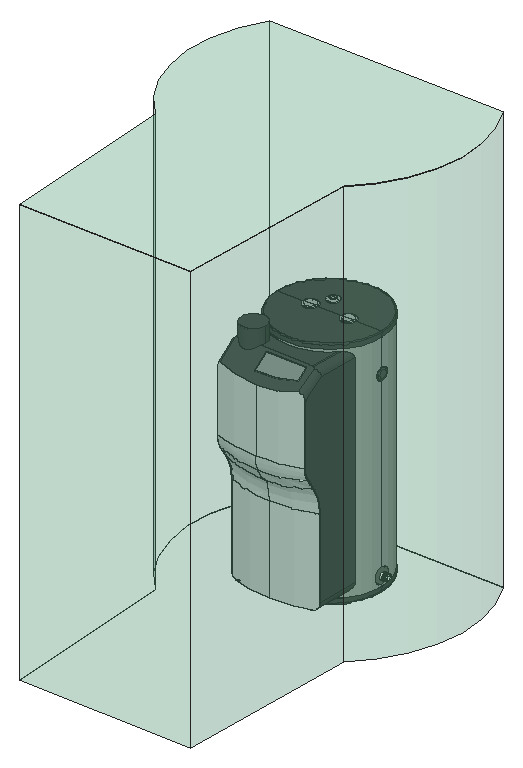
Revit family "Innovo FR_IR 20 160 FR NAT", category Mechanical Equipment, Revit 2015
Parameters (values of type "IR-20-160 FR NAT")
  largeur d'emballage = 786 mm  # constant formula
  l'Intervalle d'Entretien = "12 mois"  # constant formula
  Workspace Radius = Diameter + 170 mm  # 730 mm
  Workspace Height = Hauteur + 1000 mm  # 2270 mm
  Workspace Front Distance = 1000 mm
  Workspace [instance] = yes
  Valve Height 02 = if(and(Hauteur = 1745 mm, Diameter = 675 mm), 1518 mm, if(and(Hauteur = 1745 mm, Diameter = 610 mm), 1534 mm, if(Hauteur = 1545 mm, 1328 mm, 1070 mm)))  # 1070 mm
  Valve Height 01 = if(and(Diameter > 560 mm), 693 mm, 604 mm)  # 604 mm
  Valeur Maximale du Thermostat de Régulation = 85 °C  # constant formula
  Valeur Manimale du Thermostat de Régulation = 40 °C  # constant formula
  Valeur Défaut du Thermostat de Régulation = 65 °C  # constant formula
  URL = "www.aosmith.fr"
  Type d'Installation = "B23/C13/C33/C43/C53/C63"  # constant formula
  Type d'emballage = "Carton et bois"  # constant formula
  Tension d'Alimentation (-15%, +10%) = 230 V  # constant formula
  Température Maximale des Fumées = 45 °C
  Temps de réchauffement à ΔT = 70°C = "42"
  Temps de réchauffement à ΔT = 55°C = "34"
  Temps de réchauffement à ΔT = 50°C = "31"
  Temps de réchauffement à ΔT = 44°C = "27"
  Temps de réchauffement à ΔT = 28°C = "17"
  Spécifications du Produit = ""
  Réglages du thermostat du chauffe-eau = 65 °C  # constant formula
  Réglage Standard Pour = "G31"
  Rendement Saisonnier (Hs) = [Rendement (Hs, acc. NEN-EN 89 - 1999)]  # 96
  Rendement (Hs, acc. NEN-EN 89 - 1999) = 96
  Rendement (Hi, acc. NEN-EN 89 - 1999) = 107
  Raccord Évacuation de la Condensation = 40 mm  # constant formula
  Raccord de la Soupape de Vidange = 3/4"
  Raccord de Sortie d'Eau Chaude = 3/4"
  Raccord de Gaz = 15"  # constant formula
  Raccord d'Alimentation en Eau Froide = 3/4"  # constant formula
  Raccord Robinet de Vidange = 3/4"  # constant formula
  Puissance Électrique Absorbée (sommet) = 85 W
  Puissance Électrique Absorbée (nominal) = 25 W
  Profondeur d'emballage = 946 mm  # constant formula
  Profondeur = 780 mm  # constant formula
  Profils de soutirage déclaré = "XL"
  Production Nominale = "11400.0"
  Pression de Fonctionnement Maximale = 800000.0 Pa  # constant formula
  Pression Différentielle d'Ouverture de l'Interrupteur de Pression < = 115.0 Pa
  Pression Amont de Gaz = "3700 Pa"
  Precaustions during assembling, installation or maintenance = "voir Manuel d'installation, d'emploi er d'entretien"  # constant formula
  Poids à vide = 95 kg
  Poids de Transport = 114 kg
  Phase = 1
  Pertes en Veille - tous les jours (24h) = 0 W
  Pertes en Veille = 0 W
  Nombre de modèle du produit (EAN) = "8717449285920"
  Niveau du Son dB (A) = "<45"  # constant formula
  Niveau de puissance acoustique à l'intérieur = "41 dB"
  NOx-émissions mg/kWh = "23"
  NOx-émissions (ven air, 0% O2) ppm = "14"
  Modèdele = "IR-12-160"
  Model = "IR-12-160 FR LP"
  Marque commerciale = "A.O. Smith"  # constant formula
  Manufacturer = "A.O. Smith Water Products Company b.v."  # constant formula
  Largeur = Diameter  # 560 mm
  La commande intelligente = no
  L'efficacité énergétique pour le chauffage de l'eau (2) = "-"
  L'efficacité énergétique pour le chauffage de l'eau (1) = "92%"
  Hauteur du Raccordement au Gaz = 860 mm
  Hauteur de la Sortie d'eau Chaude = 1270 mm
  Hauteur de l'Alimentation en eau Froide = 170 mm
  Hauteur d'emballage = 1465 mm
  Hauteur Conduit d'Évacuation des Fumées = 1295 mm
  Hauteur Conduit d'Alimentation en Air = 1295 mm
  Hauteur = 1270 mm
  Guide de Produit = ""
  Garantie sur la Cuve = "36 mois"  # constant formula
  Garantie Pièces = "12 mois"  # constant formula
  Fréquence secteur = 50 Hz  # constant formula
  Forctionner qu'en heures creuses = no
  Fabricant No. = "E 7110"  # constant formula
  Epaisseur d'Isolation = 50 mm
  Débit de vidage à ΔT = 70°C après 90 min. = 270.0 L
  Débit de vidage à ΔT = 70°C après 60 min. = 200.0 L
  Débit de vidage à ΔT = 70°C après 30 min. = 120.0 L
  Débit de vidage à ΔT = 70°C après 120 min. = 340.0 L
  Débit de vidage à ΔT = 55°C après 90 min. = 370.0 L
  Débit de vidage à ΔT = 55°C après 60 min. = 270.0 L
  Débit de vidage à ΔT = 55°C après 30 min. = 180.0 L
  Débit de vidage à ΔT = 55°C après 120 min. = 460.0 L
  Débit de vidage à ΔT = 50°C après 90 min. = 410.0 L
  Débit de vidage à ΔT = 50°C après 60 min. = 310.0 L
  Débit de vidage à ΔT = 50°C après 30 min. = 210.0 L
  Débit de vidage à ΔT = 50°C après 120 min. = 510.0 L
  Débit de vidage à ΔT = 44°C après 90 min. = 480.0 L
  Débit de vidage à ΔT = 44°C après 60 min. = 360.0 L
  Débit de vidage à ΔT = 44°C après 30 min. = 250.0 L
  Débit de vidage à ΔT = 44°C après 120 min. = 590.0 L
  Débit de vidage à ΔT = 28°C après 90 min. = 780.0 L
  Débit de vidage à ΔT = 28°C après 60 min. = 600.0 L
  Débit de vidage à ΔT = 28°C après 30 min. = 420.0 L
  Débit de vidage à ΔT = 28°C après 120 min. = 960.0 L
  Débit de vidage en Continu à ΔT = 70°C = 150.0 L/s
  Débit de vidage en Continu à ΔT = 55°C = 190.0 L/s
  Débit de vidage en Continu à ΔT = 50°C = 200.0 L/s
  Débit de vidage en Continu à ΔT = 44°C = 230.0 L/s
  Débit de vidage en Continu à ΔT = 28°C = 360.0 L/s
  Diamètre Cheminée - Système Parallèle = "2x80"  # constant formula
  Diamètre Cheminée - Système Concentrique = "80/125 mm/mm"  # constant formula
  Diamètre Cheminée - Boiler = "80/125 mm/mm"  # constant formula
  Diameter = 560 mm
  Destination / Country = "France"  # constant formula
  Description = "Préparateur ECS Solaire en Combinaison avec Réservoir de Stockage"  # constant formula
  D'autres profils de soutirage = "-"
  Created By = "http://www.cadcompany.nl/"
  Consommation de Gaz - Volume ltr/hr = "a/p"
  Consommation de Gaz - Masse kg/h = "0.80"
  Class d'efficacité énergétique (2) = "-"
  Class d'efficacité énergétique (1) = "A"  # constant formula
  Charge Nominale (Valeur Supérieure) = "11800.0"
  Charge Nominale (Valeur Inférieure) = "10900.0"
  Charge Maximale au Sol = 274 kg
  Catégorie de Gaz = "II2Esi3P"  # constant formula
  Capacité = 160.0 L
  CO2 Émissions (tol. +/- 1.0) vol% = "10"
  CE-PIN = "0063CQ3037"  # constant formula
  BIM Content Developer = "CAD & Company"  # constant formula
  Assembly Code = "D3010"
  Annual fuel consumption (2) = "-"
  Annual fuel consumption (1) = "16 GJ GCV"
  Annual electricity consumption (2) = "-"
  Annual electricity consumption (1) = "38 kWh"
  2ème Entretien (Entretien Général) = "12 mois après l'installation"  # constant formula
  1er Entretien (check-up) = "3 mois après l'installation"  # constant formula
Reference planes
  plane 1 "Center (Front/Back)": y = 0
  plane 2: z = 0
  plane 3 "Center (Left/Right)": x = 0
  plane 4 "Pipe": through (-383.901, 912.349, 194.799) normal (-0.0879, -0.0879, 0.9923)
  plane 5 "footing": y = 118.925
  plane 6 "footing front": y = -237.85
  plane 7: x = -280
  plane 8: x = 280
  plane 9: z = 1270
Forms (mm)
  Revolve 1, solid, material "RAL 9005", detail levels medium+fine
    sketch origin (0, -237.85, 0) x (-1, 0, 0) y (0, 0, 1)
      loop
        line (0, 28.9) -> (-15, 28.9) -> (-15, 26.4) -> (-8.671, 26.4) -> (-8.671, 18) -> (-5.686, 18) -> (-6.626, 17.06) -> (-6.626, 12.06) -> (-8.671, 12.06) -> (-8.671, 10) -> (-10.031, 10) -> (-23.271, 5.181)
        arc (-23.271, 5.181) -> (-23.763, 4.836) -> (-24.017, 4.293) r 1.159
        line (-24.017, 4.293) -> (-24.017, 1.03)
        arc (-24.017, 1.03) -> (-23.715, 0.302) -> (-22.986, 0) r 1.03
        line (-22.986, 0) -> (0, 0) -> (0, 28.9)
      axis (0, 28.9) -> (0, 0)
    angle from 0 to 360
  Revolve 2, solid, material "RAL 9005", detail levels medium+fine
    sketch origin (0, 118.925, 0) x (-1, 0, 0) y (0, 0, 1)
      loop
        line (-180.984, 28.9) -> (-195.984, 28.9) -> (-195.984, 26.4) -> (-189.655, 26.4) -> (-189.655, 18) -> (-186.67, 18) -> (-187.61, 17.06) -> (-187.61, 12.06) -> (-189.655, 12.06) -> (-189.655, 10) -> (-191.015, 10) -> (-204.256, 5.181)
        arc (-204.256, 5.181) -> (-204.747, 4.836) -> (-205.001, 4.293) r 1.159
        line (-205.001, 4.293) -> (-205.001, 1.03)
        arc (-205.001, 1.03) -> (-204.699, 0.302) -> (-203.971, 0) r 1.03
        line (-203.971, 0) -> (-180.984, 0) -> (-180.984, 28.9)
      axis (-180.984, 28.9) -> (-180.984, 0)
    angle from 0 to 360
  Revolve 3, solid, material "RAL 9005", detail levels medium+fine
    sketch origin (0, 118.925, 0) x (-1, 0, 0) y (0, 0, 1)
      loop
        line (179.016, 28.9) -> (164.016, 28.9) -> (164.016, 26.4) -> (170.345, 26.4) -> (170.345, 18) -> (173.33, 18) -> (172.39, 17.06) -> (172.39, 12.06) -> (170.345, 12.06) -> (170.345, 10) -> (168.985, 10) -> (155.744, 5.181)
        arc (155.744, 5.181) -> (155.253, 4.836) -> (154.999, 4.293) r 1.159
        line (154.999, 4.293) -> (154.999, 1.03)
        arc (154.999, 1.03) -> (155.301, 0.302) -> (156.029, 0) r 1.03
        line (156.029, 0) -> (179.016, 0) -> (179.016, 28.9)
      axis (179.016, 28.9) -> (179.016, 0)
    angle from 0 to 360
Lines and regions (mm)
  symbolic lines
    curve 1: line (0, 280.06, 0) -> (0, -280.06, 0)
    curve 2: line (-255.06, 0, 0) -> (255.06, 0, 0)
  symbolic lines, style "Workspace"
    curve 3: line (623.261, 380.06, 0) -> (-623.261, 380.06, 0)
    curve 4: arc (-623.261, 380.06, 0) -> (-726.942, -66.745, 0) -> (-543.632, -487.2, 0) r 730
    curve 5: line (-543.632, -487.2, 0) -> (-396.783, -1492.825, 0)
    curve 6: line (-396.783, -1492.825, 0) -> (399.03, -1492.825, 0)
    curve 7: line (399.03, -1492.825, 0) -> (545.76, -484.816, 0)
    curve 8: arc (545.76, -484.816, 0) -> (727.087, -65.154, 0) -> (623.261, 380.06, 0) r 730
Dimensions and locks
  plane 5 "footing" to plane 1 "Center (Front/Back)" = 118.925 mm
  plane 1 "Center (Front/Back)" to plane 6 "footing front" = 237.85 mm
  "Diameter": plane 7 to plane 8
  equal spacing: plane 7, plane 3 "Center (Left/Right)", plane 8
  "Hauteur": plane 9 to plane 2
  "Workspace Front Distance": curve 6 to nested 3
  "Workspace Radius": radius of curve 4
  "Workspace Radius": radius of curve 8
  aligned and locked: level to plane 2
  aligned and locked: nested 3 to Revolve 1 sketch curve
  aligned and locked: plane 3 "Center (Left/Right)" to Revolve 1 sketch curve
  aligned and locked: nested 3 to plane 1 "Center (Front/Back)"
  aligned and locked: plane 3 "Center (Left/Right)" to nested 3
  aligned and locked: nested 1 to plane 8
  aligned and locked: nested 5 to plane 8
  aligned and locked: nested 2 to plane 7
  aligned and locked: nested 4 to plane 7
  aligned and locked: nested 7 to plane 7
  aligned and locked: nested 8 to plane 3 "Center (Left/Right)"
  aligned and locked: nested 8 to nested 3
  aligned and locked: curve 3 to nested 8
Automatic sketch dimensions
  Revolve 1 sketch curve to level = 0 mm
  plane 3 "Center (Left/Right)" to Revolve 1 sketch curve = 5.686 mm
  Revolve 1 sketch curve to Revolve 1 sketch curve = 0.94 mm  (x2)
  Revolve 1 sketch curve to Revolve 1 sketch curve = 2.046 mm  (x2)
  Revolve 1 sketch curve to Revolve 1 sketch curve = 1.359 mm
  Revolve 1 sketch curve to Revolve 1 sketch curve = 6.329 mm
  level to Revolve 1 sketch curve = 4.091 mm
  Revolve 1 sketch curve to Revolve 1 sketch curve = 12.844 mm
  level to Revolve 1 sketch curve = 1.03 mm
  Revolve 1 sketch curve to Revolve 1 sketch curve = 0.111 mm
  level to Revolve 1 sketch curve = 5.181 mm
  Revolve 1 sketch curve to Revolve 1 sketch curve = 0.745 mm
  level to Revolve 1 sketch curve = 10 mm
  Revolve 1 sketch curve to Revolve 1 sketch curve = 2.06 mm
  Revolve 1 sketch curve to Revolve 1 sketch curve = 5 mm
  Revolve 1 sketch curve to Revolve 1 sketch curve = 8.4 mm
  Revolve 1 sketch curve to Revolve 1 sketch curve = 2.5 mm
  Revolve 1 sketch curve to level = 19.635 mm
  Revolve 1 sketch curve to Revolve 1 sketch curve = 46.465 mm
  Revolve 2 sketch curve to level = 0 mm
  level to Revolve 2 sketch curve = 1.03 mm
  Revolve 2 sketch curve to plane 8 = 74.999 mm
  level to Revolve 2 sketch curve = 5.181 mm
  Revolve 2 sketch curve to Revolve 2 sketch curve = 0.745 mm
  Revolve 2 sketch curve to Revolve 2 sketch curve = 0.397 mm
  Revolve 2 sketch curve to Revolve 2 sketch curve = 8.271 mm
  Revolve 2 sketch curve to Revolve 2 sketch curve = 13.241 mm
  Revolve 2 sketch curve to Revolve 2 sketch curve = 1.359 mm
  Revolve 2 sketch curve to Revolve 2 sketch curve = 6.329 mm
  Revolve 2 sketch curve to Revolve 2 sketch curve = 2.046 mm
  level to Revolve 2 sketch curve = 18 mm
  Revolve 2 sketch curve to Revolve 2 sketch curve = 0.94 mm  (x2)
  Revolve 2 sketch curve to Revolve 2 sketch curve = 8.671 mm
  Revolve 2 sketch curve to Revolve 2 sketch curve = 1.089 mm
  Revolve 2 sketch curve to Revolve 2 sketch curve = 8 mm
  Revolve 2 sketch curve to Revolve 2 sketch curve = 2.06 mm
  Revolve 2 sketch curve to Revolve 2 sketch curve = 8.4 mm
  Revolve 2 sketch curve to Revolve 2 sketch curve = 2.5 mm
  Revolve 2 sketch curve to Revolve 2 sketch curve = 0 mm
  Revolve 2 sketch curve to level = 19.635 mm
  Revolve 2 sketch curve to Revolve 2 sketch curve = 46.465 mm
  Revolve 3 sketch curve to level = 0 mm
  level to Revolve 3 sketch curve = 1.03 mm
  Revolve 3 sketch curve to plane 7 = 125.001 mm
  level to Revolve 3 sketch curve = 5.181 mm
  Revolve 3 sketch curve to Revolve 3 sketch curve = 0.745 mm
  Revolve 3 sketch curve to Revolve 3 sketch curve = 0.397 mm
  Revolve 3 sketch curve to Revolve 3 sketch curve = 8.271 mm
  Revolve 3 sketch curve to Revolve 3 sketch curve = 13.241 mm
  Revolve 3 sketch curve to Revolve 3 sketch curve = 1.359 mm
  Revolve 3 sketch curve to Revolve 3 sketch curve = 6.329 mm
  Revolve 3 sketch curve to Revolve 3 sketch curve = 2.046 mm
  level to Revolve 3 sketch curve = 18 mm
  Revolve 3 sketch curve to Revolve 3 sketch curve = 0.94 mm  (x2)
  Revolve 3 sketch curve to Revolve 3 sketch curve = 8.671 mm
  Revolve 3 sketch curve to Revolve 3 sketch curve = 1.089 mm
  Revolve 3 sketch curve to Revolve 3 sketch curve = 8 mm
  Revolve 3 sketch curve to Revolve 3 sketch curve = 2.06 mm
  Revolve 3 sketch curve to Revolve 3 sketch curve = 8.4 mm
  Revolve 3 sketch curve to Revolve 3 sketch curve = 2.5 mm
  Revolve 3 sketch curve to Revolve 3 sketch curve = 0 mm
  Revolve 3 sketch curve to level = 19.635 mm
  Revolve 3 sketch curve to Revolve 3 sketch curve = 46.465 mm
  curve 4 to curve 8 = 0 mm  (x2)
  plane 1 "Center (Front/Back)" to curve 2 = 0 mm
  curve 1 to plane 3 "Center (Left/Right)" = 0 mm
  plane 1 "Center (Front/Back)" to curve 4 = 0 mm
  curve 4 to plane 3 "Center (Left/Right)" = 0 mm
  curve 5 to plane 6 "footing front" = 249.35 mm
  plane 7 to curve 5 = 116.783 mm
  plane 8 to curve 7 = 119.03 mm
  curve 7 to plane 6 "footing front" = 246.966 mm
  curve 2 to plane 7 = 24.94 mm
  curve 2 to plane 8 = 24.94 mm
  curve 1 to plane 6 "footing front" = 42.21 mm
  plane 5 "footing" to curve 1 = 161.135 mm
Nested families
  nested 1: "Valve" at (280, -0.38, 1070) x (0, 1, 0) z (0, 0, 1), built-in parameter 1001364 <- "Valve Height 02", type "Valve"
  nested 2: "Drain Valve" at (-280, 0, 1070), built-in parameter 1001364 <- "Valve Height 02", type "Drain Valve"
  nested 3: "Housing Mother Housing S 57 (external)" at (0, -274.886, 0), type "Housing Mother_Housing S_57"
  nested 4: "Drain Valve" at (-280, 0, 177), type "Drain Valve"
  nested 5: "Drain Valve" at (280, 0, 107) x (-1, 0, 0) z (0, 0, 1), type "Drain Valve"
  nested 6: "Boiler" at (0, 0, 0), height <- "Hauteur", type "Boiler"
    with height 1270 mm
  nested 7: "Drain Valve" at (-280, 0, 604), built-in parameter 1001364 <- "Valve Height 01", type "Drain Valve"
  nested 8: "Innovo_workspace" at (0, 0, 0), Workspace Distance Front <- "Workspace Front Distance", Workspace <- "Workspace", Workspace Height <- "Workspace Height", Workspace Radius <- "Workspace Radius", type "Workspace"
    with Workspace Radius 730 mm, Workspace Height 2270 mm, Workspace Distance Front 1000 mm, Workspace yes, Center to Front 492.825 mm
Connectors
  piping at (314.826, 0, 107), diameter 19.05, driven by "Raccord Robinet de Vidange"
    settings: on nested 5, index 1, connector inside diameter 24", connector length 0 mm, flow factor 0, pipe flow 0.0 L/s, pressure drop 0.0 Pa, fitting loss kfactor 0, connector angle 0.00°, fixture units 0, engagement length 0 mm, angle of deflection 0.00°, flow configuration 0, flow direction 0, fitting loss method 0, system type 19, joint type 0, gender type 0, connector reference index -1, connector utility 0, adjustable connector no, is connector primary yes, connector description ""
  hvac at (-147.013, -321.326, 1310.674)
    settings: on nested 3, index 2, duct flow 0.0 L/s, flow factor 0, pres drop 0.0 Pa, loss coef 0, conn angle 0.00°, conn width 304.8 mm, conn height 304.8 mm, conn diameter 125 mm, duct sys type 4, conn prof type 0, flow config 0, flow direction 0, loss method 0, conn ref index -1, conn util no, is conn primary yes, conn desc ""
Definition of nested family "Valve"
  Parameters (values of type "Valve")
    Type Comments = "T&P valve (internal)"
    Manufacturer = "A.O. Smith"
  Reference planes
    plane 1 "Center (Front/Back)": y = 0
    plane 2: z = 0
    plane 3 "Center (Left/Right)": x = 0
  Forms (mm)
    Extrusion 1, solid, detail levels fine
      sketch origin (0, 0, 0) x (1, 0, 0) y (0, 0, 1)
        loop
          circle (0, 0) r 31.5
      from -2.271 to 1.4
    Sweep 2, solid, detail levels fine
      path origin (0, -1.4, 0) x (1, 0, 0) y (0, 0, 1)
        loop
          circle (0, 0) r 31.5
      profile origin (0, -1.4, 31.5) x (0, 0, -1) y (0, -1, 0)
        loop
          line (7.3, 0) -> (7.3, 3) -> (0, 0) -> (7.3, 0)
  Dimensions and locks
    aligned and locked: level to plane 2
Definition of nested family "Drain Valve"
  Reference planes
    plane 1 "Center (Front/Back)": y = 0
    plane 2: z = 0
    plane 3 "Center (Left/Right)": x = 0
  Forms (mm)
    Revolve 1, solid, detail levels medium+fine
      sketch origin (0, 0, 0) x (1, 0, 0) y (0, 0, 1)
        loop
          line (-33.442, 15.696) -> (-34.826, 14.329) -> (-34.93, 12.731) -> (-16.555, 12.731) -> (-16.555, 0) -> (15.787, 0) -> (15.787, 18.3) -> (-14.4, 18.3) -> (-17.148, 15.533) -> (-18.729, 16.697) -> (-20.091, 15.333) -> (-21.672, 16.496) -> (-23.034, 15.133) -> (-24.614, 16.296) -> (-25.976, 14.932) -> (-27.557, 16.096) -> (-28.919, 14.732) -> (-30.5, 15.896) -> (-31.862, 14.532) -> (-33.442, 15.696)
        axis (-34.93, 0) -> (15.787, 0)
      angle from 0 to 360
  Dimensions and locks
    aligned and locked: level to plane 2
  Nested families
    nested 1: "Rubber sealing" at (2.592, -0.155, 0) x (0.0023, -1, 0) z (0, 0, 1), type "Rubber sealing", detail levels fine
  Definition of nested family "Rubber sealing"
    Reference planes
      plane 1 "Center (Front/Back)": y = 0
      plane 2: z = 0
      plane 3 "Center (Left/Right)": x = 0
    Forms (mm)
      Extrusion 1, solid, detail levels fine
        sketch origin (141.861, 319.581, 0) x (1, 0, 0) y (0, 1, 0)
          loop
            line (-216.354, -311.898) -> (-216.354, -313.94)
            arc (-216.354, -313.94) -> (-141.602, -321.581) -> (-66.861, -313.835) r 366.966
            line (-66.861, -313.835) -> (-66.861, -311.791)
            arc (-66.861, -311.791) -> (-141.602, -319.581) -> (-216.354, -311.898) r 364.966
        from -80 to 80
      Extrusion 2, void
        sketch origin (141.861, 319.581, 0) x (1, 0, 0) y (0, 0, 1)
          loop
            circle (-141.861, 0) r 13
          loop
            circle (-141.861, 0) r 110
          loop
            circle (-141.861, 0) r 40
        from 311.563 to 332.684
      Extrusion 3, void
        sketch origin (141.861, 319.581, 0) x (1, 0, 0) y (0, 0, 1)
          loop
            circle (-141.861, 0) r 18.25
        from 315.524 to 326.084
    Cuts and joins
      Extrusion 2, Extrusion 3 cuts Extrusion 1
    Dimensions and locks
      aligned and locked: level to plane 2
Definition of nested family "Housing Mother Housing S 57 (external)"
  Parameters (values of type "Housing Mother_Housing S_57")
    radius [instance] = 280 mm
    distance to boiler center = if(diameter = 675 mm, 189 mm, if(diameter = 610 mm, 154 mm, 129 mm))  # 129 mm
    diameter = 560 mm
  Reference planes
    plane 1 "Center (Front/Back)": y = 0
    plane 2: z = 0
    plane 3 "Center (Left/Right)": x = 0
    plane 4 "left": through (-245.286, 145.886, 1200) normal (0.9994, 0.0349, 0)
    plane 5: y = -217.939
    plane 6: y = 145.886
    plane 7: z = 1232.6
    plane 8: z = 65.89
    plane 9 "right": through (245.286, 145.886, 1200) normal (0.9994, -0.0349, 0)
    plane 10 "display": through (0, -90.37, 1221.196) normal (0, -0.5736, 0.8192)
    plane 11 "Potentiostat": z = 867.899
    plane 12 "boiler center": y = 274.886
    plane 13: x = -280
    plane 14: x = 280
  Forms (mm)
    Extrusion 1, solid
      sketch origin (0, 0, 0) x (1, 0, 0) y (0, 1, 0)
        loop
          line (-245.286, 145.886) -> (-232.581, -217.939) -> (232.581, -217.939) -> (245.286, 145.886)
          arc (245.286, 145.886) -> (0, 0.923) -> (-245.286, 145.886) r 280
      from 0 to 1232.6
    Sweep 2, void
      path origin (0, 0, 0) x (0, 1, 0) y (0, 0, 1)
        loop
          line (-217.939, 1232.6) -> (-217.939, 795.555)
          arc (-217.939, 795.555) -> (-212.387, 754.285) -> (-197.694, 715.322) r 183.924
          arc (-197.694, 715.322) -> (-179.915, 684.628) -> (-159.106, 655.901) r 348.284
          arc (-159.106, 655.901) -> (-131.411, 600.328) -> (-121.88, 538.973) r 202.254
          line (-121.88, 538.973) -> (-121.88, 61.106)
      profile origin (0, -217.939, 1014.077) x (1, 0, 0) y (0, 1, 0)
        loop
          arc (0, 0) -> (-117.533, 9.941) -> (-231.728, 39.475) r 699.984
          arc (-231.728, 39.475) -> (-233.391, 40.705) -> (-234.07, 42.659) r 3.505
          line (-234.07, 42.659) -> (-254.062, 42.659) -> (-254.062, -142.593) -> (254.07, -142.593) -> (254.07, 42.659) -> (234.07, 42.659)
          arc (234.07, 42.659) -> (233.391, 40.705) -> (231.728, 39.475) r 3.505
          arc (231.728, 39.475) -> (117.533, 9.941) -> (0, 0) r 699.984
    Extrusion 3, void
      sketch origin (0, 0, 0) x (0, 1, 0) y (0, 0, 1)
        loop
          arc (102.864, 70.869) -> (99.804, 70.709) -> (96.874, 69.813) r 12.57
          arc (96.874, 69.813) -> (87.878, 66.533) -> (78.516, 64.529) r 69.114
          arc (78.516, 64.529) -> (76.41, 64.284) -> (74.294, 64.148) r 41.206
          arc (74.294, 64.148) -> (65.203, 64.335) -> (56.122, 64.782) r 318.661
          arc (56.122, 64.782) -> (30.585, 66.179) -> (5.028, 67.128) r 1456.581
          line (5.028, 67.128) -> (-84.534, 73.135)
          arc (-84.534, 73.135) -> (-86.363, 73.808) -> (-87.536, 75.365) r 3.455
          line (-87.536, 75.365) -> (-264.473, 75.365) -> (-264.473, 0) -> (160.886, 0) -> (160.886, 103.945) -> (145.886, 103.945)
          arc (145.886, 103.945) -> (145.104, 97.827) -> (142.923, 92.059) r 26.364
          arc (142.923, 92.059) -> (141.067, 88.936) -> (138.867, 86.045) r 31.715
          arc (138.867, 86.045) -> (135.576, 82.49) -> (132.021, 79.2) r 62.615
          arc (132.021, 79.2) -> (125.841, 74.697) -> (119.091, 71.103) r 54.444
          arc (119.091, 71.103) -> (116.371, 70.272) -> (113.531, 70.123) r 11.669
          line (113.531, 70.123) -> (102.864, 70.869)
      from -254.062 to 254.07
    Sweep 4, void
      path origin (0, 0, 0) x (1, 0, 0) y (0, 1, 0)
        loop
          line (-245.286, 145.886) -> (-232.581, -217.939)
      profile origin (-238.933, -36.027, 0) x (0.999391, 0.034899, 0) y (0, 0, 1)
        loop
          line (-4.454, 0) -> (47.084, 0) -> (47.084, 73.431)
          arc (47.084, 73.431) -> (14.222, 85.134) -> (0.255, 117.1) r 43.922
          line (0.255, 117.1) -> (-4.454, 117.1) -> (-4.454, 0)
    Sweep 5, void
      path origin (0, 0, 0) x (-1, 0, 0) y (0, 1, 0)
        loop
          line (-245.286, 145.886) -> (-232.581, -217.939)
      profile origin (238.933, -36.027, 0) x (0.999391, -0.034899, 0) y (0, 0, 1)
        loop
          line (4.454, 0) -> (4.454, 117.1) -> (-0.255, 117.1)
          arc (-0.255, 117.1) -> (-14.222, 85.134) -> (-47.084, 73.431) r 43.922
          line (-47.084, 73.431) -> (-47.084, 0) -> (4.454, 0)
    Sweep 6, void
      path origin (-239.899, -8.377, 0) x (-0.034899, 0.999391, 0) y (0, 0, 1)
        loop
          line (-209.69, 1141.272) -> (-79.18, 1232.6) -> (154.358, 1232.6)
      profile origin (-241.211, 29.188, 1232.6) x (0, 0, 1) y (0.999391, 0.034899, 0)
        loop
          line (-45, -30) -> (75, -30) -> (75, 0) -> (75, 55) -> (2.799, 55) -> (-1.253, 35.128)
          arc (-1.253, 35.128) -> (-16.771, 9.564) -> (-45, -0.308) r 44.287
          line (-45, -0.308) -> (-45, -30)
    Sweep 7, void
      path origin (239.899, -8.377, 0) x (0.034899, 0.999391, 0) y (0, 0, 1)
        loop
          line (-209.69, 1141.272) -> (-79.18, 1232.6) -> (154.358, 1232.6)
      profile origin (241.211, 29.188, 1232.6) x (0, 0, -1) y (-0.999391, 0.034899, 0)
        loop
          line (-75, -25) -> (45, -25) -> (45, -0.308)
          arc (45, -0.308) -> (16.771, 9.564) -> (1.253, 35.128) r 44.287
          line (1.253, 35.128) -> (-2.799, 55) -> (-75, 55) -> (-75, -25)
    Extrusion 8, void
      sketch origin (0, 0, 0) x (0, 1, 0) y (0, 0, 1)
        loop
          line (-270, 1336.099) -> (-270, 1099.081) -> (68.497, 1336.099) -> (-270, 1336.099)
      from -425.038 to 444.42
    Extrusion 9, solid, detail levels medium+fine
      sketch origin (0, 0, 0) x (1, 0, 0) y (0, 1, 0)
        loop
          circle (-147.013, -46.44) r 65
      from 1163.174 to 1310.674
    Extrusion 10, void
      sketch origin (0, -603.506, 861.895) x (0, 0.819152, 0.573576) y (-1, 0, 0)
        loop
          arc (618.322, -173) -> (623.272, -170.95) -> (625.322, -166) r 7
          line (625.322, -166) -> (625.322, 35)
          arc (625.322, 35) -> (623.272, 39.95) -> (618.322, 42) r 7
          line (618.322, 42) -> (535.473, 42)
          arc (535.473, 42) -> (530.688, 40.11) -> (528.488, 35.46) r 7
          arc (528.488, 35.46) -> (531.569, -67.592) -> (554.18, -168.18) r 540
          arc (554.18, -168.18) -> (556.724, -171.668) -> (560.831, -173) r 7
          line (560.831, -173) -> (618.322, -173)
      from 0 to 137.286
    Sweep 11, solid, detail levels fine
      path origin (0, 0, 867.899) x (-1, 0, 0) y (0, -1, 0)
        loop
          line (309.749, -35.617) -> (204.371, -35.617)
          arc (204.371, -35.617) -> (196.509, -34.687) -> (189.082, -31.947) r 33.677
          line (189.082, -31.947) -> (-9.574, 69.274)
      profile origin (-257.06, 35.617, 867.899) x (0, 1, 0) y (0, 0, 1)
        loop
          circle (0, 0) r 7.316
        loop
          circle (0, 0) r 6.465
    Revolve 12, void
      sketch origin (0, 274.886, 0) x (-1, 0, 0) y (0, 0, 1)
        loop
          line (280, 1243.838) -> (0, 1243.838) -> (0, 54.9) -> (280, 54.9) -> (280, 1243.838)
        axis (0, 1243.838) -> (0, 54.9)
      angle from 0 to 360
  Cuts and joins
    Sweep 2, Extrusion 3, Sweep 4, Sweep 5, Sweep 6, Sweep 7, Extrusion 8, Extrusion 10, Revolve 12 cuts Extrusion 1
  Dimensions and locks
    plane 8 to plane 2 = 65.89 mm
    plane 7 to plane 8 = 1166.71 mm
    "distance to boiler center": plane 12 "boiler center" to plane 6
    "diameter": plane 14 to plane 13
    equal spacing: plane 14, plane 3 "Center (Left/Right)", plane 13
    "radius": plane 3 "Center (Left/Right)" to plane 13
    aligned and locked: level to plane 2
    aligned and locked: Extrusion 1 to plane 7
    aligned and locked: Extrusion 1 sketch curve to plane 5
    aligned and locked: Sweep 2 to Extrusion 3
    aligned and locked: Extrusion 3 to Sweep 2  (x2)
    aligned and locked: plane 7 to Sweep 2 sketch curve
    aligned and locked: plane 3 "Center (Left/Right)" to Revolve 12 sketch curve
    aligned and locked: Revolve 12 sketch curve to plane 3 "Center (Left/Right)"
    aligned and locked: plane 13 to Revolve 12 sketch curve
  Automatic sketch dimensions
    Extrusion 1 sketch curve to plane 4 "left" = 0 mm  (x2)
    Extrusion 1 sketch curve to plane 6 = 0 mm  (x2)
    Extrusion 1 sketch curve to plane 3 "Center (Left/Right)" = 0 mm
    Extrusion 1 sketch curve to plane 9 "right" = 0 mm
    plane 6 to Extrusion 1 sketch curve = 135.037 mm
    Sweep 2 sketch curve to plane 5 = 0 mm
    plane 5 to Sweep 2 sketch curve = 106.195 mm
    Sweep 2 sketch curve to plane 5 = 96.059 mm
    plane 1 "Center (Front/Back)" to Sweep 2 sketch curve = 34.053 mm
    plane 11 "Potentiostat" to Sweep 2 sketch curve = 6.417 mm
    Sweep 2 sketch curve to plane 6 = 33.705 mm
    Sweep 2 sketch curve to plane 11 "Potentiostat" = 68.615 mm
    Sweep 2 sketch curve to plane 11 "Potentiostat" = 72.345 mm
    Sweep 2 sketch curve to Sweep 2 sketch curve = 176.349 mm
    Sweep 2 sketch curve to Sweep 2 sketch curve = 0 mm  (x2)
    plane 8 to Sweep 2 sketch curve = 4.784 mm
    Extrusion 3 sketch curve to level = 0 mm
    Extrusion 3 sketch curve to plane 6 = 0 mm
    Extrusion 3 sketch curve to plane 6 = 26.363 mm
    Extrusion 3 sketch curve to Extrusion 3 sketch curve = 4.75 mm
    Extrusion 3 sketch curve to Extrusion 3 sketch curve = 5.179 mm
    Extrusion 3 sketch curve to plane 8 = 4.232 mm
    Extrusion 3 sketch curve to Extrusion 3 sketch curve = 0.814 mm
    Extrusion 3 sketch curve to plane 8 = 4.978 mm
    Extrusion 3 sketch curve to Extrusion 3 sketch curve = 10.667 mm
    Extrusion 3 sketch curve to Extrusion 3 sketch curve = 0.877 mm
    Extrusion 3 sketch curve to Extrusion 3 sketch curve = 17.827 mm
    Extrusion 3 sketch curve to Extrusion 3 sketch curve = 5.646 mm
    Extrusion 3 sketch curve to plane 6 = 69.562 mm
    Extrusion 3 sketch curve to Extrusion 3 sketch curve = 18.6 mm
    Extrusion 3 sketch curve to Extrusion 3 sketch curve = 22.538 mm
    Extrusion 3 sketch curve to plane 8 = 1.238 mm
    Extrusion 3 sketch curve to plane 1 "Center (Front/Back)" = 5.028 mm
    plane 1 "Center (Front/Back)" to Extrusion 3 sketch curve = 36.224 mm
    Extrusion 3 sketch curve to plane 8 = 10.692 mm
    plane 1 "Center (Front/Back)" to Extrusion 3 sketch curve = 84.302 mm
    Extrusion 3 sketch curve to plane 8 = 7.244 mm
    Extrusion 3 sketch curve to Extrusion 3 sketch curve = 0.231 mm
    Extrusion 3 sketch curve to Extrusion 3 sketch curve = 3.234 mm
    plane 5 to Extrusion 3 sketch curve = 46.534 mm
    plane 6 to Extrusion 3 sketch curve = 15 mm
    Extrusion 3 sketch curve to level = 1388.869 mm
    plane 8 to Extrusion 3 sketch curve = 7.561 mm
    Extrusion 3 sketch curve to Extrusion 3 sketch curve = 11.64 mm
    Extrusion 3 sketch curve to plane 8 = 38.054 mm
    Extrusion 3 sketch curve to Extrusion 3 sketch curve = 22.442 mm
    Extrusion 3 sketch curve to plane 8 = 39.432 mm
    Extrusion 3 sketch curve to Extrusion 3 sketch curve = 2.466 mm
    Extrusion 3 sketch curve to Extrusion 3 sketch curve = 14.17 mm
    Extrusion 3 sketch curve to Extrusion 3 sketch curve = 5.925 mm
    Extrusion 3 sketch curve to Extrusion 3 sketch curve = 6.186 mm
    Extrusion 3 sketch curve to Extrusion 3 sketch curve = 249.85 mm
    Extrusion 3 sketch curve to Extrusion 3 sketch curve = 0 mm  (x4)
    Extrusion 3 sketch curve to Extrusion 3 sketch curve = 6.845 mm
    plane 8 to Extrusion 3 sketch curve = 1.743 mm
    Sweep 4 sketch curve to plane 4 "left" = 0 mm  (x2)
    Sweep 4 sketch curve to plane 6 = 0 mm
    plane 5 to Sweep 4 sketch curve = 0 mm
    Sweep 4 sketch curve to level = 0 mm
    profile plane to Sweep 4 sketch curve = 4.454 mm
    Sweep 4 sketch curve to profile plane = 0.255 mm
    Sweep 4 sketch curve to Sweep 4 sketch curve = 43.922 mm
    Sweep 4 sketch curve to profile plane = 47.084 mm
    level to Sweep 4 sketch curve = 73.431 mm
    Sweep 4 sketch curve to Sweep 4 sketch curve = 43.669 mm
    Sweep 5 sketch curve to plane 6 = 0 mm
    Sweep 5 sketch curve to plane 9 "right" = 0 mm  (x2)
    plane 5 to Sweep 5 sketch curve = 0 mm
    Sweep 5 sketch curve to level = 0 mm
    profile plane to Sweep 5 sketch curve = 47.084 mm
    Sweep 5 sketch curve to Sweep 5 sketch curve = 2.907 mm
    profile plane to Sweep 5 sketch curve = 0.255 mm
    Sweep 5 sketch curve to profile plane = 4.454 mm
    level to Sweep 5 sketch curve = 73.431 mm
    Sweep 5 sketch curve to Sweep 5 sketch curve = 43.669 mm
    Sweep 6 sketch curve to plane 7 = 0 mm
    plane 7 to Sweep 6 sketch curve = 91.328 mm
    Sweep 6 sketch curve to Sweep 6 sketch curve = 130.509 mm
    Sweep 6 sketch curve to Sweep 6 sketch curve = 233.538 mm
    Sweep 6 sketch curve to plane 4 "left" = 0 mm
    profile plane to Sweep 6 sketch curve = 45 mm
    Sweep 6 sketch curve to Sweep 6 sketch curve = 0.354 mm
    profile plane to Sweep 6 sketch curve = 1.253 mm
    Sweep 6 sketch curve to profile plane = 2.799 mm
    Sweep 6 sketch curve to Sweep 6 sketch curve = 72.201 mm
    Sweep 6 sketch curve to plane 4 "left" = 0.308 mm
    Sweep 6 sketch curve to Sweep 6 sketch curve = 29.692 mm
    plane 4 "left" to Sweep 6 sketch curve = 35.128 mm
    plane 4 "left" to Sweep 6 sketch curve = 55 mm
    Sweep 7 sketch curve to plane 7 = 0 mm
    Sweep 7 sketch curve to plane 7 = 91.328 mm
    Sweep 7 sketch curve to Sweep 7 sketch curve = 130.509 mm
    Sweep 7 sketch curve to Sweep 7 sketch curve = 233.538 mm
    Sweep 7 sketch curve to plane 9 "right" = 25 mm
    profile plane to Sweep 7 sketch curve = 75 mm
    profile plane to Sweep 7 sketch curve = 2.799 mm
    Sweep 7 sketch curve to profile plane = 1.253 mm
    Sweep 7 sketch curve to Sweep 7 sketch curve = 43.393 mm
    Sweep 7 sketch curve to profile plane = 45 mm
    Sweep 7 sketch curve to plane 9 "right" = 0.308 mm
    plane 9 "right" to Sweep 7 sketch curve = 35.128 mm
    Sweep 7 sketch curve to Sweep 7 sketch curve = 19.872 mm
    plane 5 to Extrusion 8 sketch curve = 52.061 mm
    Extrusion 8 sketch curve to plane 1 "Center (Front/Back)" = 68.497 mm
    plane 7 to Extrusion 8 sketch curve = 133.519 mm
    Extrusion 8 sketch curve to plane 7 = 103.499 mm
    plane 1 "Center (Front/Back)" to Extrusion 9 sketch curve = 46.44 mm
    Extrusion 9 sketch curve to plane 3 "Center (Left/Right)" = 147.013 mm
    Extrusion 10 sketch curve to plane 3 "Center (Left/Right)" = 0 mm
    Extrusion 10 sketch curve to plane 3 "Center (Left/Right)" = 35 mm
    Extrusion 10 sketch curve to Extrusion 10 sketch curve = 25.359 mm
    Extrusion 10 sketch curve to Extrusion 10 sketch curve = 57.491 mm
    Extrusion 10 sketch curve to plane 3 "Center (Left/Right)" = 42 mm
    Extrusion 10 sketch curve to Extrusion 10 sketch curve = 82.85 mm
    Extrusion 10 sketch curve to Extrusion 10 sketch curve = 7 mm
    Extrusion 10 sketch curve to Extrusion 10 sketch curve = 442 mm
    plane 3 "Center (Left/Right)" to Extrusion 10 sketch curve = 166 mm
    Extrusion 10 sketch curve to Extrusion 10 sketch curve = 0 mm  (x2)
    Sweep 11 sketch curve to plane 1 "Center (Front/Back)" = 31.947 mm
    Sweep 11 sketch curve to plane 3 "Center (Left/Right)" = 189.082 mm
    Sweep 11 sketch curve to plane 1 "Center (Front/Back)" = 1.94 mm
    Sweep 11 sketch curve to Sweep 11 sketch curve = 15.289 mm
    plane 3 "Center (Left/Right)" to Sweep 11 sketch curve = 9.574 mm
    Sweep 11 sketch curve to Sweep 11 sketch curve = 105.378 mm
    plane 1 "Center (Front/Back)" to Sweep 11 sketch curve = 69.274 mm
    Sweep 11 sketch curve to Sweep 11 sketch curve = 0 mm  (x2)
    Sweep 11 sketch curve to plane 11 "Potentiostat" = 0 mm
    Sweep 11 sketch curve to profile plane = 0 mm
    plane 8 to Revolve 12 sketch curve = 10.99 mm
    Revolve 12 sketch curve to plane 7 = 11.238 mm
    Revolve 12 sketch curve to level = 366.045 mm
    Revolve 12 sketch curve to Revolve 12 sketch curve = 971.917 mm
    Sweep 2 sketch curve to plane 3 "Center (Left/Right)" = 0 mm
    profile plane to Sweep 2 sketch curve = 0 mm
    Sweep 2 sketch curve to plane 3 "Center (Left/Right)" = 0.016 mm
    Sweep 2 sketch curve to profile plane = 42.782 mm  (x2)
    Sweep 2 sketch curve to plane 3 "Center (Left/Right)" = 230.568 mm
    plane 3 "Center (Left/Right)" to Sweep 2 sketch curve = 0.016 mm
    plane 3 "Center (Left/Right)" to Sweep 2 sketch curve = 230.568 mm
    Sweep 2 sketch curve to Sweep 2 sketch curve = 3.502 mm  (x2)
    Sweep 2 sketch curve to Sweep 2 sketch curve = 20 mm
    profile plane to Sweep 2 sketch curve = 142.593 mm
    Sweep 2 sketch curve to Sweep 2 sketch curve = 0.122 mm  (x2)
    Sweep 2 sketch curve to Sweep 2 sketch curve = 657.203 mm
    Sweep 2 sketch curve to Sweep 2 sketch curve = 19.991 mm
    radius of Extrusion 9 sketch curve = 65 mm
    radius of Sweep 11 sketch curve = 7.316 mm
    radius of Sweep 11 sketch curve = 6.465 mm
  Nested families
    nested 1: "display" at (65.5, -130.939, 1192.79) x (-1, 0, 0) z (0, -0.5736, 0.8192), type "display"
  Definition of nested family "display"
    Parameters (values of type "display")
      Default Elevation = 1219.2 mm
    Reference planes
      plane 1 "Center (Front/Back)": y = 0
      plane 2: z = 0
      plane 3 "Center (Left/Right)": x = 0
    Forms (mm)
      Extrusion 1, solid, detail levels medium+fine
        sketch origin (-16.958, 11.842, -343.878) x (1, 0, 0) y (0, 0, -1)
          loop
            line (-233.523, -343.878) -> (-233.523, -346.592) -> (332.686, -346.592) -> (332.686, -343.878) -> (-233.523, -343.878)
        from -228.7 to 150.822
      Extrusion 2, void
        sketch origin (-16.958, 6.842, -343.878) x (1, 0, 0) y (0, 1, 0)
          loop
            line (-233.523, 155.822) -> (-233.523, -223.7) -> (332.686, -223.7) -> (332.686, 155.822) -> (-233.523, 155.822)
          loop
            arc (-90.542, -48.267) -> (-88.492, -53.216) -> (-83.542, -55.267) r 7
            line (-83.542, -55.267) -> (117.458, -55.267)
            arc (117.458, -55.267) -> (122.408, -53.216) -> (124.458, -48.267) r 7
            line (124.458, -48.267) -> (124.458, 34.583)
            arc (124.458, 34.583) -> (122.568, 39.368) -> (117.918, 41.568) r 7
            arc (117.918, 41.568) -> (14.866, 38.487) -> (-85.722, 15.876) r 540
            arc (-85.722, 15.876) -> (-89.21, 13.332) -> (-90.542, 9.224) r 7
            line (-90.542, 9.224) -> (-90.542, -48.267)
        from 328.878 to 363.083
    Cuts and joins
      Extrusion 2 cuts Extrusion 1
    Dimensions and locks
      aligned and locked: level to plane 2
Definition of nested family "Boiler"
  Parameters (values of type "Boiler")
    radius [instance] = 280 mm
    height [instance] = 1270 mm
    Diameter = 560 mm
  Reference planes
    plane 1 "Center (Front/Back)": y = 0
    plane 2: z = 0
    plane 3 "Center (Left/Right)": x = 0
    plane 4: z = 1243.838
    plane 5: z = 1270
    plane 6 "bottom": z = 28.9
    plane 7: z = 54.9
    plane 8 "top controle": y = 88
    plane 9: x = -280
    plane 10: x = 280
  Forms (mm)
    Revolve 1, solid
      sketch origin (0, 0, 0) x (1, 0, 0) y (0, 0, 1)
        loop
          line (0, 54.9) -> (-280, 54.9) -> (-280, 32.9)
          arc (-280, 32.9) -> (-278.828, 30.072) -> (-276, 28.9) r 4
          line (-276, 28.9) -> (0, 28.9) -> (0, 54.9)
        axis (0, 28.9) -> (0, 54.9)
      angle from 0 to 360
    Revolve 2, solid
      sketch origin (1.311, 0, 0) x (1, 0, 0) y (0, 0, 1)
        loop
          line (-278.86, 1243.838) -> (-278.86, 54.9) -> (-1.311, 54.9) -> (-1.311, 1243.838) -> (-278.86, 1243.838)
        axis (-1.311, 1243.838) -> (-1.311, 54.9)
      angle from 0 to 360
    Revolve 3, solid
      sketch origin (-9.205, 0, 377.212) x (-1, 0, 0) y (0, 0, 1)
        loop
          line (-148.904, 892.788) -> (-110.805, 892.788) -> (-110.805, 895.963) -> (-141.883, 895.963) -> (-148.904, 893.62) -> (-148.904, 892.788)
        axis (-110.805, 892.788) -> (-110.805, 895.963)
      angle from 0 to 360
    Revolve 4, solid
      sketch origin (0, 0, 718.065) x (1, 0, 0) y (0, 0, -1)
        loop
          line (0, -525.773) -> (-280, -525.773) -> (-280, -547.935)
          arc (-280, -547.935) -> (-278.828, -550.763) -> (-276, -551.935) r 4
          line (-276, -551.935) -> (0, -551.935) -> (0, -525.773)
        axis (0, -551.935) -> (0, -525.773)
      angle from 0 to 360
    Revolve 5, solid
      sketch origin (0, 88, 0) x (1, 0, 0) y (0, 0, 1)
        loop
          line (-19.051, 1270) -> (-19.051, 1271.074) -> (-32.63, 1275.604) -> (-32.63, 1271.117) -> (-37.266, 1271.117) -> (-38.383, 1270) -> (-19.051, 1270)
        axis (-50.8, 1270) -> (-50.8, 1275.604)
      angle from 0 to 360
    Revolve 6, solid
      sketch origin (-217.12, 0, 372.245) x (-1, 0, 0) y (0, 0, 1)
        loop
          line (-153.622, 897.755) -> (-115.52, 897.755) -> (-115.52, 900.93) -> (-146.626, 900.93) -> (-153.622, 898.596) -> (-153.622, 897.755)
        axis (-115.52, 897.755) -> (-115.52, 900.93)
      angle from 0 to 360
  Dimensions and locks
    "height": plane 5 to plane 2
    plane 6 "bottom" to plane 2 = 28.9 mm
    locked: plane 5 to plane 4 at 26.162
    locked: plane 1 "Center (Front/Back)" to plane 8 "top controle" at 88
    "Diameter": plane 10 to plane 9
    equal spacing: plane 10, plane 3 "Center (Left/Right)", plane 9
    "radius": plane 3 "Center (Left/Right)" to plane 9
    locked: plane 9 to Revolve 2 sketch curve at 2.452
    aligned and locked: level to plane 2
    aligned and locked: Revolve 2 sketch curve to plane 7
    aligned and locked: Revolve 2 sketch curve to plane 4
    aligned and locked: Revolve 1 sketch curve to plane 7
    aligned and locked: plane 6 "bottom" to Revolve 1 sketch curve
    aligned and locked: Revolve 4 sketch curve to plane 3 "Center (Left/Right)"
    aligned and locked: plane 5 to Revolve 4 sketch curve
    aligned and locked: Revolve 4 sketch curve to plane 4
    aligned and locked: plane 9 to Revolve 4 sketch curve
    aligned and locked: Revolve 1 sketch curve to plane 9
    aligned and locked: Revolve 2 sketch curve to plane 3 "Center (Left/Right)"
    aligned and locked: plane 3 "Center (Left/Right)" to Revolve 2 sketch curve
  Automatic sketch dimensions
    Revolve 1 sketch curve to plane 3 "Center (Left/Right)" = 0 mm  (x2)
    Revolve 1 sketch curve to Revolve 1 sketch curve = 4 mm
    Revolve 1 sketch curve to level = 40 mm
    Revolve 1 sketch curve to Revolve 1 sketch curve = 305.1 mm
    Revolve 2 sketch curve to level = 366.045 mm
    Revolve 2 sketch curve to plane 5 = 945.755 mm
    Revolve 3 sketch curve to plane 5 = 0 mm
    Revolve 3 sketch curve to plane 3 "Center (Left/Right)" = 139.699 mm
    plane 5 to Revolve 3 sketch curve = 3.175 mm
    Revolve 3 sketch curve to Revolve 3 sketch curve = 7.022 mm
    Revolve 3 sketch curve to Revolve 3 sketch curve = 31.078 mm
    Revolve 3 sketch curve to Revolve 3 sketch curve = 0.832 mm
    Revolve 3 sketch curve to Revolve 3 sketch curve = 0 mm
    Revolve 3 sketch curve to Revolve 3 sketch curve = 2.338 mm
    Revolve 3 sketch curve to Revolve 3 sketch curve = 4.487 mm
    Revolve 4 sketch curve to plane 3 "Center (Left/Right)" = 0 mm
    Revolve 4 sketch curve to Revolve 4 sketch curve = 4 mm
    Revolve 4 sketch curve to Revolve 4 sketch curve = 68.738 mm
    Revolve 4 sketch curve to Revolve 4 sketch curve = 305.1 mm
    Revolve 6 sketch curve to plane 5 = 0 mm
    plane 3 "Center (Left/Right)" to Revolve 6 sketch curve = 63.497 mm
    plane 5 to Revolve 6 sketch curve = 3.175 mm
    Revolve 6 sketch curve to Revolve 6 sketch curve = 6.997 mm
    Revolve 6 sketch curve to Revolve 6 sketch curve = 31.106 mm
    Revolve 6 sketch curve to Revolve 6 sketch curve = 0.84 mm
    Revolve 6 sketch curve to Revolve 6 sketch curve = 0 mm
    Revolve 6 sketch curve to Revolve 6 sketch curve = 7.216 mm
    Revolve 6 sketch curve to Revolve 6 sketch curve = 0.391 mm
    Revolve 5 sketch curve to Revolve 5 sketch curve = 13.578 mm
    Revolve 5 sketch curve to Revolve 5 sketch curve = 1.074 mm
    Revolve 5 sketch curve to Revolve 5 sketch curve = 12.417 mm
    Revolve 5 sketch curve to Revolve 5 sketch curve = 5.753 mm
    Revolve 5 sketch curve to plane 5 = 1.117 mm
    Revolve 5 sketch curve to Revolve 5 sketch curve = 1.117 mm
    plane 5 to Revolve 5 sketch curve = 4.396 mm
    Revolve 5 sketch curve to plane 5 = 0 mm
    Revolve 5 sketch curve to Revolve 5 sketch curve = 4.487 mm
    Revolve 5 sketch curve to plane 3 "Center (Left/Right)" = 38.383 mm
    Revolve 5 sketch curve to plane 5 = 5.604 mm
Definition of nested family "Innovo_workspace"
  Parameters (values of type "Workspace")
    Workspace Radius [instance] = 730 mm
    Workspace Height [instance] = 2270 mm
    Workspace Distance Front [instance] = 1000 mm
    Workspace [instance] = yes
    URL = "www.aosmith.nl"
    Model = ""
    Manufacturer = "A.O. Smith Water Products Company b.v."  # constant formula
    Description = ""
    Created By = ""
    Center to Front [instance] = 492.825 mm
    BIM Content Developer = "CAD & Company"  # constant formula
    Assembly Code = ""
  Reference planes
    plane 1 "Center (Front/Back)": y = 0
    plane 2: z = 0
    plane 3 "Center (Left/Right)": x = 0
    plane 4 "Pipe": through (-383.901, 912.349, 194.799) normal (-0.0879, -0.0879, 0.9923)
    plane 5 "front": y = -492.825
  Forms (mm)
    Extrusion 1, solid, visible <- "Workspace"
      sketch origin (0, 0, 0) x (1, 0, 0) y (0, 1, 0)
        loop
          line (456.53, -1492.825) -> (500.201, -531.695)
          arc (500.201, -531.695) -> (723.44, -97.643) -> (623.261, 380.06) r 730
          line (623.261, 380.06) -> (-623.261, 380.06)
          arc (-623.261, 380.06) -> (-723.227, -99.209) -> (-497.893, -533.856) r 730
          line (-497.893, -533.856) -> (-454.283, -1492.825) -> (456.53, -1492.825)
      from 0 to 2270 <- "Workspace Height"
  Lines and regions (mm)
    symbolic lines
      curve 1: line (0, 280.06, 0) -> (0, -280.06, 0)
      curve 2: line (-255.06, 0, 0) -> (255.06, 0, 0)
  Dimensions and locks
    locked: Extrusion 1 sketch curve to curve 1 at 100
    "Workspace Distance Front": plane 5 "front" to Extrusion 1
    "Center to Front": plane 1 "Center (Front/Back)" to plane 5 "front"
    "Workspace Radius": radius of Extrusion 1 sketch curve  (x2)
    aligned and locked: level to plane 2
  Automatic sketch dimensions
    plane 1 "Center (Front/Back)" to curve 2 = 0 mm
    curve 1 to plane 3 "Center (Left/Right)" = 0 mm
    plane 3 "Center (Left/Right)" to curve 2 = 255.06 mm
    curve 1 to plane 1 "Center (Front/Back)" = 280.06 mm
    curve 2 to plane 3 "Center (Left/Right)" = 255.06 mm
    plane 5 "front" to curve 1 = 212.765 mm
    Extrusion 1 sketch curve to Extrusion 1 sketch curve = 0 mm  (x2)
    plane 1 "Center (Front/Back)" to Extrusion 1 sketch curve = 0 mm
    Extrusion 1 sketch curve to plane 3 "Center (Left/Right)" = 0 mm
    Extrusion 1 sketch curve to plane 5 "front" = 41.031 mm
    Extrusion 1 sketch curve to plane 3 "Center (Left/Right)" = 454.283 mm
    plane 3 "Center (Left/Right)" to Extrusion 1 sketch curve = 456.53 mm
    Extrusion 1 sketch curve to plane 5 "front" = 38.869 mm
    Extrusion 1 sketch curve to Extrusion 1 sketch curve = 961.131 mm
